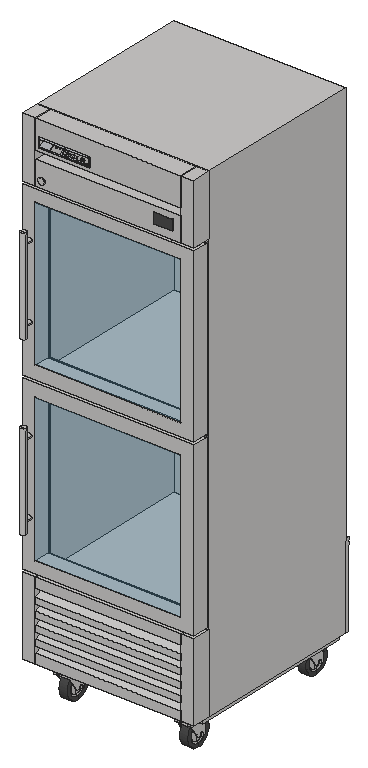
Revit family "QF_TRUE_TS-23G-2-HC~FGD01", category Specialty Equipment, Revit 2015 (continued)
Definition of nested family "TS-23G-2-HC-FGD01"
  Dimensions and locks (in)
    Extrusion 23 to Extrusion 23 = 55 1/4"
    aligned and locked: level to plane 2
  Automatic sketch dimensions
    Extrusion 11 sketch curve to plane 7 "Center Y" = 0"
    plane 13 to Extrusion 11 sketch curve = 8 1/4"
    Extrusion 1 sketch curve to Extrusion 1 sketch curve = 2"
    Extrusion 1 sketch curve to Extrusion 1 sketch curve = 77"
    Extrusion 2 sketch curve to Extrusion 2 sketch curve = 4 1/2"
    Extrusion 2 sketch curve to Extrusion 2 sketch curve = 1 1/4"  (x2)
    Extrusion 2 sketch curve to Extrusion 2 sketch curve = 3 3/4"
    Extrusion 2 sketch curve to Extrusion 2 sketch curve = 55 1/4"
    Extrusion 2 sketch curve to Extrusion 2 sketch curve = 1 1/2"
    Extrusion 2 sketch curve to Extrusion 2 sketch curve = 1"  (x7)
    Extrusion 2 sketch curve to Extrusion 2 sketch curve = 2"
    Extrusion 2 sketch curve to Extrusion 2 sketch curve = 2 1/2"
    Extrusion 2 sketch curve to Extrusion 2 sketch curve = 0"  (x9)
    Extrusion 2 sketch curve to Extrusion 2 sketch curve = 2.0503"  (x2)
    Extrusion 2 sketch curve to Extrusion 2 sketch curve = 0.51258"
    Extrusion 2 sketch curve to Extrusion 2 sketch curve = 2.80755"
    Extrusion 2 sketch curve to Extrusion 2 sketch curve = 0.43712"
    Extrusion 2 sketch curve to Extrusion 2 sketch curve = 3"
    Extrusion 4 sketch curve to Extrusion 2 = 0.97242"
    Extrusion 5 sketch curve to Extrusion 1 = 0"  (x4)
    Extrusion 1 to Extrusion 5 sketch curve = 0"  (x2)
    Extrusion 1 to Extrusion 5 sketch curve = 2"
    Extrusion 1 to Extrusion 5 sketch curve = 12 1/4"
    Extrusion 1 to Extrusion 5 sketch curve = 2 5/8"
    Extrusion 7 sketch curve to Extrusion 7 sketch curve = 9 1/2"
    Extrusion 7 sketch curve to Extrusion 7 sketch curve = 55 1/4"
    Extrusion 7 sketch curve to Extrusion 7 sketch curve = 12 1/4"
    Extrusion 7 sketch curve to Extrusion 7 sketch curve = 0"
    Extrusion 7 sketch curve to Extrusion 7 sketch curve = 3"  (x2)
    Extrusion 9 sketch curve to Extrusion 9 sketch curve = 9 1/2"
    Extrusion 9 sketch curve to Extrusion 9 sketch curve = 55 1/4"
    Extrusion 9 sketch curve to Extrusion 9 sketch curve = 12 1/4"
    Extrusion 9 sketch curve to Extrusion 9 sketch curve = 0"
    Extrusion 9 sketch curve to Extrusion 9 sketch curve = 3"  (x2)
    Extrusion 10 sketch curve to Extrusion 10 sketch curve = 2"
    Extrusion 10 sketch curve to Extrusion 10 sketch curve = 77"
    Extrusion 13 sketch curve to Extrusion 13 sketch curve = 25"
    Extrusion 13 sketch curve to Extrusion 13 sketch curve = 1 3/8"
    Extrusion 15 sketch curve to Extrusion 15 sketch curve = 2"
    Extrusion 15 sketch curve to Extrusion 15 sketch curve = 77"
    Extrusion 16 sketch curve to Extrusion 16 sketch curve = 4 1/2"
    Extrusion 16 sketch curve to Extrusion 16 sketch curve = 1 1/4"  (x2)
    Extrusion 16 sketch curve to Extrusion 16 sketch curve = 3 3/4"
    Extrusion 16 sketch curve to Extrusion 16 sketch curve = 55 1/4"
    Extrusion 16 sketch curve to Extrusion 16 sketch curve = 1 1/2"
    Extrusion 16 sketch curve to Extrusion 16 sketch curve = 1"  (x7)
    Extrusion 16 sketch curve to Extrusion 16 sketch curve = 2"
    Extrusion 16 sketch curve to Extrusion 16 sketch curve = 2 1/2"
    Extrusion 16 sketch curve to Extrusion 16 sketch curve = 0"  (x9)
    Extrusion 16 sketch curve to Extrusion 16 sketch curve = 2.0503"  (x2)
    Extrusion 16 sketch curve to Extrusion 16 sketch curve = 0.51258"
    Extrusion 16 sketch curve to Extrusion 16 sketch curve = 2.80755"
    Extrusion 16 sketch curve to Extrusion 16 sketch curve = 0.43712"
    Extrusion 16 sketch curve to Extrusion 16 sketch curve = 3"
    Extrusion 18 sketch curve to Extrusion 16 = 0.97242"
    Extrusion 19 sketch curve to Extrusion 15 = 0"  (x4)
    Extrusion 15 to Extrusion 19 sketch curve = 0"  (x2)
    Extrusion 15 to Extrusion 19 sketch curve = 2"
    Extrusion 15 to Extrusion 19 sketch curve = 12 1/4"
    Extrusion 15 to Extrusion 19 sketch curve = 2 5/8"
    Extrusion 21 sketch curve to Extrusion 21 sketch curve = 9 1/2"
    Extrusion 21 sketch curve to Extrusion 21 sketch curve = 55 1/4"
    Extrusion 21 sketch curve to Extrusion 21 sketch curve = 12 1/4"
    Extrusion 21 sketch curve to Extrusion 21 sketch curve = 0"
    Extrusion 21 sketch curve to Extrusion 21 sketch curve = 3"  (x2)
    Extrusion 23 sketch curve to Extrusion 23 sketch curve = 9 1/2"
    Extrusion 23 sketch curve to Extrusion 23 sketch curve = 55 1/4"
    Extrusion 23 sketch curve to Extrusion 23 sketch curve = 12 1/4"
    Extrusion 23 sketch curve to Extrusion 23 sketch curve = 0"
    Extrusion 23 sketch curve to Extrusion 23 sketch curve = 3"  (x2)
    Extrusion 24 sketch curve to Extrusion 24 sketch curve = 2"
    Extrusion 24 sketch curve to Extrusion 24 sketch curve = 77"
    Extrusion 25 sketch curve to Extrusion 25 sketch curve = 25"
    Extrusion 25 sketch curve to Extrusion 25 sketch curve = 1 3/8"
    Extrusion 26 sketch curve to Extrusion 26 sketch curve = 12.22095"
    Extrusion 26 sketch curve to Extrusion 26 sketch curve = 0.34482"
    Extrusion 26 sketch curve to Extrusion 26 sketch curve = 0.3805"
    Extrusion 26 sketch curve to Extrusion 26 sketch curve = 0.16647"
    Extrusion 26 sketch curve to Extrusion 26 sketch curve = 0.17678"  (x2)
    Extrusion 26 sketch curve to Extrusion 26 sketch curve = 0.14819"
    Extrusion 26 sketch curve to Extrusion 26 sketch curve = 3/8"
    Extrusion 26 sketch curve to Extrusion 26 sketch curve = 0"
    Extrusion 26 sketch curve to Extrusion 26 sketch curve = 1/4"
    Extrusion 26 sketch curve to Extrusion 26 sketch curve = 0.30004"
    plane 4 "RIGHT" to Extrusion 12 sketch curve = 3.25266"
    Extrusion 12 sketch curve to plane 6 "TOP" = 6.62607"
    Extrusion 12 sketch curve to Extrusion 12 sketch curve = 1.63987"
    Extrusion 12 sketch curve to Extrusion 12 sketch curve = 2.94794"
    Extrusion 15 to Extrusion 19 sketch curve = 36 1/8"
    Extrusion 19 sketch curve to Extrusion 19 sketch curve = 2"
    Extrusion 19 sketch curve to Extrusion 19 sketch curve = 0"
    Extrusion 1 to Extrusion 5 sketch curve = 36 1/8"
    Extrusion 5 sketch curve to Extrusion 5 sketch curve = 2"
    Extrusion 5 sketch curve to Extrusion 5 sketch curve = 0"
    Revolve 27 sketch curve to Revolve 27 sketch curve = 7/16"
    Revolve 27 sketch curve to Revolve 27 sketch curve = 14 15/16"
    Revolve 27 sketch curve to Revolve 27 sketch curve = 0"  (x2)
    Revolve 27 sketch curve to Revolve 27 sketch curve = 25/64"
    Extrusion 28 sketch curve to Extrusion 28 sketch curve = 0"
    Extrusion 28 sketch curve to Extrusion 28 sketch curve = 11.57772"
    curve 1 to plane 3 "LEFT" = 0"
    plane 5 "FRONT" to curve 11 = 0"
    curve 4 to plane 4 "RIGHT" = 0"
    plane 1 "BACK" to curve 5 = 0"
    curve 2 to plane 11 = 0"
    curve 9 to plane 12 = 7/16"
    curve 10 to curve 9 = 7/16"
    plane 3 "LEFT" to curve 11 = 0.78232"
    curve 11 to curve 12 = 0.6365"
    curve 12 to curve 7 = 0.58118"
    plane 4 "RIGHT" to curve 8 = 2"
    curve 9 to curve 12 = 0.3002"
    curve 7 to curve 7 = 3"
    Extrusion 31 sketch curve to plane 15 = 0"
    plane 15 to Extrusion 31 sketch curve = 25 3/4"
    Extrusion 31 sketch curve to Extrusion 31 sketch curve = 1.5775"
    Extrusion 31 sketch curve to Extrusion 31 sketch curve = 0.2834"
    Extrusion 32 sketch curve to plane 16 = 0"
    plane 16 to Extrusion 32 sketch curve = 25 3/4"
    Extrusion 32 sketch curve to Extrusion 32 sketch curve = 1.5775"
    Extrusion 32 sketch curve to Extrusion 32 sketch curve = 0.2834"
    curve 13 to curve 14 = 0.2834"
    curve 14 to curve 13 = 4.25181"
    curve 13 to curve 14 = 1.5775"
    curve 14 to curve 13 = 0"
    curve 13 to curve 14 = 13.13367"
    curve 15 to curve 16 = 0.2834"
    curve 16 to curve 15 = 4.25181"
    curve 15 to curve 16 = 1.5775"
    curve 16 to curve 15 = 0"
    curve 15 to curve 16 = 13.13367"
    plane 14 to Extrusion 20 sketch curve = 1/4"
    Extrusion 20 sketch curve to Extrusion 20 sketch curve = 0"  (x2)
    Extrusion 20 sketch curve to Extrusion 20 sketch curve = 2"  (x6)
    Extrusion 20 sketch curve to Extrusion 20 sketch curve = 23"
    plane 14 to Extrusion 20 sketch curve = 2"
    Extrusion 20 sketch curve to Extrusion 20 sketch curve = 23 1/8"  (x2)
    Extrusion 20 sketch curve to Extrusion 20 sketch curve = 1/2"
    Extrusion 20 sketch curve to Extrusion 20 sketch curve = 1 3/4"
    Revolve 35 sketch curve to Revolve 35 sketch curve = 7/16"
    Revolve 35 sketch curve to Revolve 35 sketch curve = 14 15/16"
    Revolve 35 sketch curve to Revolve 35 sketch curve = 0"  (x2)
    Revolve 35 sketch curve to Revolve 35 sketch curve = 25/64"
    Extrusion 36 sketch curve to Extrusion 36 sketch curve = 0"
    Extrusion 36 sketch curve to Extrusion 36 sketch curve = 11.57772"
    plane 10 to Extrusion 6 sketch curve = 1/4"
    Extrusion 6 sketch curve to Extrusion 6 sketch curve = 0"  (x2)
    Extrusion 6 sketch curve to Extrusion 6 sketch curve = 2"  (x6)
    Extrusion 6 sketch curve to Extrusion 6 sketch curve = 23"
    plane 10 to Extrusion 6 sketch curve = 2"
    Extrusion 6 sketch curve to Extrusion 6 sketch curve = 23 1/8"  (x2)
    Extrusion 6 sketch curve to Extrusion 6 sketch curve = 1/2"
    Extrusion 6 sketch curve to Extrusion 6 sketch curve = 1 3/4"
    Extrusion 17 sketch curve to Extrusion 17 sketch curve = 0"  (x2)
    Extrusion 17 sketch curve to Extrusion 17 sketch curve = 23"
    Extrusion 17 sketch curve to Extrusion 17 sketch curve = 23 1/8"  (x2)
    Extrusion 17 sketch curve to Extrusion 17 sketch curve = 4 1/2"
    Extrusion 3 sketch curve to Extrusion 3 sketch curve = 0"  (x2)
    Extrusion 3 sketch curve to Extrusion 3 sketch curve = 23"
    Extrusion 3 sketch curve to Extrusion 3 sketch curve = 23 1/8"  (x2)
    Extrusion 3 sketch curve to Extrusion 3 sketch curve = 4 1/2"
    Extrusion 22 sketch curve to Extrusion 15 = 1/4"  (x4)
    Extrusion 15 to Extrusion 22 sketch curve = 23 1/4"  (x2)
    Extrusion 22 sketch curve to Extrusion 15 = 11 1/2"
    Extrusion 22 sketch curve to Extrusion 22 sketch curve = 1 1/2"
    Extrusion 22 sketch curve to Extrusion 22 sketch curve = 0"
    Extrusion 22 sketch curve to Extrusion 22 sketch curve = 23 5/8"
    Extrusion 22 sketch curve to Extrusion 22 sketch curve = 1.62134"  (x2)
    Extrusion 22 sketch curve to Extrusion 22 sketch curve = 0.75732"
    Extrusion 22 sketch curve to Extrusion 15 = 14 1/4"
    Extrusion 22 sketch curve to Extrusion 22 sketch curve = 1.37134"  (x2)
    Extrusion 8 sketch curve to Extrusion 1 = 1/4"  (x4)
    Extrusion 1 to Extrusion 8 sketch curve = 23 1/4"  (x2)
    Extrusion 8 sketch curve to Extrusion 1 = 11 1/2"
    Extrusion 8 sketch curve to Extrusion 8 sketch curve = 1 1/2"
    Extrusion 8 sketch curve to Extrusion 8 sketch curve = 0"
    Extrusion 8 sketch curve to Extrusion 8 sketch curve = 23 5/8"
    Extrusion 8 sketch curve to Extrusion 8 sketch curve = 1.62134"  (x2)
    Extrusion 8 sketch curve to Extrusion 8 sketch curve = 0.75732"
    Extrusion 8 sketch curve to Extrusion 1 = 14 1/4"
    Extrusion 8 sketch curve to Extrusion 8 sketch curve = 1.37134"  (x2)
    Extrusion 39 sketch curve to Extrusion 39 sketch curve = 0"  (x3)
    Extrusion 39 sketch curve to Extrusion 39 sketch curve = 0.0075"
    Extrusion 39 sketch curve to Extrusion 39 sketch curve = 2.06523"
    Extrusion 39 sketch curve to Extrusion 39 sketch curve = 0.04197"
    Extrusion 39 sketch curve to Extrusion 39 sketch curve = 0.42957"
    Extrusion 39 sketch curve to Extrusion 39 sketch curve = 0.94308"
    Extrusion 41 sketch curve to Extrusion 41 sketch curve = 0.37938"
    Extrusion 41 sketch curve to Extrusion 41 sketch curve = 1"
    Extrusion 41 sketch curve to Extrusion 41 sketch curve = 1.65026"
    Extrusion 41 sketch curve to Extrusion 41 sketch curve = 0.43546"
    Extrusion 41 sketch curve to Extrusion 41 sketch curve = 0.50522"
    Extrusion 41 sketch curve to Extrusion 41 sketch curve = 0.51683"  (x2)
    Extrusion 41 sketch curve to Extrusion 41 sketch curve = 0.53428"
    Extrusion 42 sketch curve to Extrusion 42 sketch curve = 1"
    Extrusion 42 sketch curve to Extrusion 42 sketch curve = 0"
    Extrusion 44 sketch curve to Extrusion 44 sketch curve = 0.0411"
    Extrusion 44 sketch curve to Extrusion 44 sketch curve = 0.54506"
    Extrusion 44 sketch curve to Extrusion 44 sketch curve = 0.91779"
    Extrusion 44 sketch curve to Extrusion 44 sketch curve = 0.45494"
    Extrusion 44 sketch curve to Extrusion 44 sketch curve = 17/32"
    Extrusion 44 sketch curve to Extrusion 44 sketch curve = 1.82353"
    Extrusion 45 sketch curve to Extrusion 45 sketch curve = 0"  (x3)
    Extrusion 45 sketch curve to Extrusion 45 sketch curve = 0.0075"
    Extrusion 45 sketch curve to Extrusion 45 sketch curve = 2.06523"
    Extrusion 45 sketch curve to Extrusion 45 sketch curve = 0.04197"
    Extrusion 45 sketch curve to Extrusion 45 sketch curve = 0.42957"
    Extrusion 45 sketch curve to Extrusion 45 sketch curve = 0.94308"
    radius of Extrusion 11 sketch curve = 1/4"
    radius of Extrusion 4 sketch curve = 1/2"
    radius of Extrusion 18 sketch curve = 1/2"
    radius of Extrusion 28 sketch curve = 0.31825"  (x2)
    radius of Extrusion 36 sketch curve = 0.31825"  (x2)
    radius of Extrusion 39 sketch curve = 1/4"
    radius of Extrusion 40 sketch curve = 1/4"
    radius of Extrusion 41 sketch curve = 1/4"  (x3)
    radius of Extrusion 42 sketch curve = 1/4"  (x2)
    radius of Extrusion 43 sketch curve to Extrusion 44 = 0"
    radius of Extrusion 44 sketch curve = 1/4"
    radius of Extrusion 45 sketch curve = 1/4"
    radius of Extrusion 46 sketch curve = 1/4"
  Nested families (in)
    nested 1: "QF_LOGO_TRUE" at (2.5, -29.8125, 79.375), Show Logo <- "Show Logo", type "QF_LOGO_TRUE", detail levels medium+fine
      with Show Logo yes
  Definition of nested family "QF_LOGO_TRUE"
    Parameters (values of type "QF_LOGO_TRUE")
      Show Logo [instance] = yes
    Reference planes (in)
      plane 1 "Center (Front/Back)": y = 0
      plane 2: z = 0
      plane 3 "Center (Left/Right)": x = 0
    Forms (in)
      Extrusion 1, solid, visible <- "Show Logo", detail levels medium+fine
        sketch origin (-78.34647, 34.76905, -30.51001) x (1, 0, 0) y (0, 0, 1)
          loop
            line (81.15226, 31.65456) -> (81.07353, 31.48573) -> (82.12083, 31.48573)
            arc (82.12083, 31.48573) -> (82.14208, 31.44814) -> (82.12083, 31.41055) r 0.04386
            line (82.12083, 31.41055) -> (81.84767, 30.82478)
            arc (81.84767, 30.82478) -> (81.84531, 30.77052) -> (81.882, 30.73048) r 0.07096
            line (81.882, 30.73048) -> (82.55165, 30.73048)
            arc (82.55165, 30.73048) -> (82.63621, 30.75714) -> (82.69019, 30.82748) r 0.14742
            line (82.69019, 30.82748) -> (82.90515, 31.28847) -> (83.10265, 31.28847)
            arc (83.10265, 31.28847) -> (83.15447, 31.26942) -> (83.14697, 31.21472) r 0.04405
            line (83.14697, 31.21472) -> (82.9671, 30.82899)
            arc (82.9671, 30.82899) -> (82.9699, 30.76493) -> (83.02398, 30.73048) r 0.06943
            line (83.02398, 30.73048) -> (83.6124, 30.73048)
            arc (83.6124, 30.73048) -> (83.65748, 30.74689) -> (83.68147, 30.78844) r 0.07014
            arc (83.68147, 30.78844) -> (83.69845, 30.74745) -> (83.73943, 30.73048) r 0.05796
            line (83.73943, 30.73048) -> (84.112, 30.73048)
            arc (84.112, 30.73048) -> (84.15504, 30.74201) -> (84.18655, 30.77352) r 0.08608
            arc (84.18655, 30.77352) -> (84.20164, 30.7371) -> (84.23806, 30.72202) r 0.0515
            line (84.23806, 30.72202) -> (84.76757, 30.72202)
            arc (84.76757, 30.72202) -> (84.81086, 30.73995) -> (84.8288, 30.78324) r 0.06122
            arc (84.8288, 30.78324) -> (84.86848, 30.74355) -> (84.92269, 30.72903) r 0.10842
            line (84.92269, 30.72903) -> (85.91461, 30.72903) -> (86.02479, 30.91987) -> (85.0243, 30.91987)
            arc (85.0243, 30.91987) -> (84.99669, 30.93902) -> (84.99566, 30.97261) r 0.03732
            line (84.99566, 30.97261) -> (85.01297, 31.00972)
            arc (85.01297, 31.00972) -> (85.03954, 31.04453) -> (85.0813, 31.05774) r 0.07263
            line (85.0813, 31.05774) -> (85.40289, 31.05774)
            arc (85.40289, 31.05774) -> (85.4723, 31.07633) -> (85.52311, 31.12715) r 0.13882
            line (85.52311, 31.12715) -> (85.61625, 31.28847)
            arc (85.61625, 31.28847) -> (85.61625, 31.37458) -> (85.54168, 31.41763) r 0.08611
            line (85.54168, 31.41763) -> (85.20227, 31.41763)
            arc (85.20227, 31.41763) -> (85.11574, 31.40294) -> (85.05538, 31.33923) r 0.13863
            line (85.05538, 31.33923) -> (84.89409, 30.99333)
            arc (84.89409, 30.99333) -> (84.84649, 30.9313) -> (84.77191, 30.90778) r 0.13002
            line (84.77191, 30.90778) -> (84.41984, 30.90778)
            arc (84.41984, 30.90778) -> (84.3777, 30.95378) -> (84.38042, 31.0161) r 0.08151
            line (84.38042, 31.0161) -> (84.56766, 31.41763) -> (84.44849, 31.41763) -> (84.25012, 30.99222)
            arc (84.25012, 30.99222) -> (84.21158, 30.94199) -> (84.15119, 30.92296) r 0.10527
            line (84.15119, 30.92296) -> (83.90842, 30.92296)
            arc (83.90842, 30.92296) -> (83.8674, 30.97642) -> (83.87619, 31.04323) r 0.08805
            line (83.87619, 31.04323) -> (84.05078, 31.41763) -> (83.92772, 31.41763) -> (83.72676, 30.98668)
            arc (83.72676, 30.98668) -> (83.68011, 30.94003) -> (83.61639, 30.92296) r 0.12745
            line (83.61639, 30.92296) -> (83.26484, 30.92296)
            arc (83.26484, 30.92296) -> (83.2017, 30.9524) -> (83.19563, 31.0218) r 0.06967
            line (83.19563, 31.0218) -> (83.31118, 31.26961) -> (83.47452, 31.26961)
            arc (83.47452, 31.26961) -> (83.50209, 31.35268) -> (83.56075, 31.41763) r 0.21289
            line (83.56075, 31.41763) -> (82.92244, 31.41763)
            arc (82.92244, 31.41763) -> (82.85151, 31.40191) -> (82.80242, 31.34834) r 0.12081
            line (82.80242, 31.34834) -> (82.6294, 30.9773)
            arc (82.6294, 30.9773) -> (82.58962, 30.93752) -> (82.53528, 30.92296) r 0.10869
            line (82.53528, 30.92296) -> (82.1542, 30.92296)
            arc (82.1542, 30.92296) -> (82.12446, 30.96315) -> (82.13012, 31.01283) r 0.06822
            line (82.13012, 31.01283) -> (82.38156, 31.48573) -> (83.01596, 31.48573) -> (83.09469, 31.65456) -> (82.46029, 31.65456) -> (82.53902, 31.8234) -> (82.31334, 31.8234) -> (82.23461, 31.65456) -> (81.15226, 31.65456)
          loop
            arc (85.15937, 31.26434) -> (85.13191, 31.25698) -> (85.1118, 31.23688) r 0.05494
            line (85.1118, 31.23688) -> (85.09547, 31.18665)
            arc (85.09547, 31.18665) -> (85.10304, 31.16837) -> (85.12133, 31.16079) r 0.02586
            line (85.12133, 31.16079) -> (85.39889, 31.16079)
            arc (85.39889, 31.16079) -> (85.41888, 31.16523) -> (85.43513, 31.1777) r 0.04731
            line (85.43513, 31.1777) -> (85.44863, 31.2402)
            arc (85.44863, 31.2402) -> (85.44466, 31.25693) -> (85.42914, 31.26434) r 0.01994
            line (85.42914, 31.26434) -> (85.15937, 31.26434)
          loop
            line (78.62961, 30.74125) -> (80.12032, 30.74125) -> (80.73891, 31.81268) -> (79.2482, 31.81268) -> (78.62961, 30.74125)
        from 34.76797 to 34.83173
      Extrusion 2, solid, visible <- "Show Logo", detail levels medium+fine
        sketch origin (-142.84857, 34.75108, -33.3546) x (1, 0, 0) y (0, 0, 1)
          loop
            line (150.81107, 34.71978) -> (142.98607, 34.71978) -> (142.98607, 33.4921) -> (150.81107, 33.4921) -> (150.81107, 34.71978)
        from 34.75108 to 34.78125
      Extrusion 3, solid, visible <- "Show Logo", detail levels medium+fine
        sketch origin (-142.84857, 34.75108, -33.3546) x (1, 0, 0) y (0, 0, 1)
          loop
            line (150.94857, 34.85727) -> (142.84857, 34.85727) -> (142.84857, 33.3546) -> (150.94857, 33.3546) -> (150.94857, 34.85727)
          loop
            line (142.98607, 34.71978) -> (142.98607, 33.4921) -> (150.81107, 33.4921) -> (150.81107, 34.71978) -> (142.98607, 34.71978)
        from 34.75108 to 34.81376
      Extrusion 4, solid, not visible
        sketch origin (121.45701, -16.5, 4.98235) x (1, 0, 0) y (0, 0, 1)
          loop
            line (25.20115, 35.89949) -> (25.20115, 33.96647) -> (30.95381, 33.96647) -> (30.95381, 35.89949) -> (25.20115, 35.89949)
        from 31.5 to 31.54261
      Extrusion 5, solid, not visible
        sketch origin (121.45701, -16.5, 4.98235) x (1, 0, 0) y (0, 0, 1)
          loop
            line (26.7387, 34.95472) -> (26.61492, 34.49276) -> (27.038, 34.49276)
            arc (27.038, 34.49276) -> (27.13117, 34.52484) -> (27.18485, 34.60749) r 0.15134
            arc (27.18485, 34.60749) -> (27.20396, 34.68138) -> (27.22435, 34.75493) r 4.37326
            arc (27.22435, 34.75493) -> (27.23458, 34.81765) -> (27.22435, 34.88037) r 0.1974
            arc (27.22435, 34.88037) -> (27.18247, 34.93579) -> (27.11563, 34.95472) r 0.10914
            line (27.11563, 34.95472) -> (26.7387, 34.95472)
          loop
            line (26.90201, 34.80638) -> (26.84645, 34.59903) -> (26.92855, 34.59903)
            arc (26.92855, 34.59903) -> (26.98205, 34.6185) -> (27.01051, 34.6678) r 0.08322
            line (27.01051, 34.6678) -> (27.02399, 34.74424)
            arc (27.02399, 34.74424) -> (27.01491, 34.78454) -> (26.97985, 34.80638) r 0.05353
            line (26.97985, 34.80638) -> (26.90201, 34.80638)
          loop
            line (27.45336, 34.66131) -> (27.76233, 34.66131) -> (27.78859, 34.73909)
            arc (27.78859, 34.73909) -> (27.7878, 34.82039) -> (27.73107, 34.87864) r 0.10925
            arc (27.73107, 34.87864) -> (27.68233, 34.8944) -> (27.63139, 34.89974) r 0.24595
            line (27.63139, 34.89974) -> (27.46708, 34.89974)
            arc (27.46708, 34.89974) -> (27.4068, 34.88073) -> (27.3535, 34.84677) r 0.2421
            arc (27.3535, 34.84677) -> (27.2897, 34.76363) -> (27.26702, 34.66131) r 0.2421
            line (27.26702, 34.66131) -> (27.26702, 34.54477)
            arc (27.26702, 34.54477) -> (27.31618, 34.4956) -> (27.38334, 34.47761) r 0.13431
            line (27.38334, 34.47761) -> (27.59054, 34.47761)
            arc (27.59054, 34.47761) -> (27.63459, 34.48281) -> (27.67622, 34.49812) r 0.18924
            line (27.67622, 34.49812) -> (27.73102, 34.61563)
            arc (27.73102, 34.61563) -> (27.68453, 34.59565) -> (27.63566, 34.58252) r 0.35376
            arc (27.63566, 34.58252) -> (27.55885, 34.56956) -> (27.48204, 34.58252) r 0.23415
            arc (27.48204, 34.58252) -> (27.44492, 34.61362) -> (27.45336, 34.66131) r 0.04838
          loop
            line (27.4842, 34.73042) -> (27.62012, 34.73042) -> (27.62621, 34.76496)
            arc (27.62621, 34.76496) -> (27.58961, 34.80242) -> (27.53739, 34.80638) r 0.0742
            arc (27.53739, 34.80638) -> (27.49747, 34.77773) -> (27.4842, 34.73042) r 0.0742
          loop
            line (27.91616, 34.97572) -> (27.78675, 34.49276) -> (27.98645, 34.49276) -> (28.11586, 34.97572) -> (27.91616, 34.97572)
          loop
            line (28.13678, 34.66131) -> (28.08755, 34.47761) -> (28.27134, 34.47761) -> (28.32056, 34.66131) -> (28.43674, 34.66131) -> (28.47974, 34.78864) -> (28.36519, 34.78864)
            arc (28.36519, 34.78864) -> (28.35733, 34.81649) -> (28.36921, 34.84288) r 0.04231
            arc (28.36921, 34.84288) -> (28.431, 34.8652) -> (28.49617, 34.85686) r 0.13988
            line (28.49617, 34.85686) -> (28.53544, 34.97317)
            arc (28.53544, 34.97317) -> (28.39725, 34.99096) -> (28.25905, 34.97317) r 0.54546
            arc (28.25905, 34.97317) -> (28.20849, 34.91994) -> (28.18197, 34.85147) r 0.1894
            line (28.18197, 34.85147) -> (28.17089, 34.78864) -> (28.11397, 34.78864) -> (28.07985, 34.66131) -> (28.13678, 34.66131)
          loop
            arc (28.74846, 34.89756) -> (28.65884, 34.88533) -> (28.56922, 34.89756) r 0.33455
            line (28.56922, 34.89756) -> (28.45669, 34.47761) -> (28.63593, 34.47761) -> (28.74846, 34.89756)
          loop
            arc (28.60398, 35.01195) -> (28.57699, 34.97173) -> (28.60398, 34.9315) r 0.04347
            line (28.60398, 34.9315) -> (28.75755, 34.9315)
            arc (28.75755, 34.9315) -> (28.78645, 34.96687) -> (28.77911, 35.01195) r 0.0556
            line (28.77911, 35.01195) -> (28.60398, 35.01195)
          loop
            line (28.95336, 34.66131) -> (29.26233, 34.66131) -> (29.28859, 34.73909)
            arc (29.28859, 34.73909) -> (29.2878, 34.82039) -> (29.23107, 34.87864) r 0.10925
            arc (29.23107, 34.87864) -> (29.18233, 34.8944) -> (29.13139, 34.89974) r 0.24595
            line (29.13139, 34.89974) -> (28.96708, 34.89974)
            arc (28.96708, 34.89974) -> (28.9068, 34.88073) -> (28.8535, 34.84677) r 0.2421
            arc (28.8535, 34.84677) -> (28.7897, 34.76363) -> (28.76702, 34.66131) r 0.2421
            line (28.76702, 34.66131) -> (28.76702, 34.54477)
            arc (28.76702, 34.54477) -> (28.81618, 34.4956) -> (28.88334, 34.47761) r 0.13431
            line (28.88334, 34.47761) -> (29.09054, 34.47761)
            arc (29.09054, 34.47761) -> (29.13459, 34.48281) -> (29.17622, 34.49812) r 0.18924
            line (29.17622, 34.49812) -> (29.23102, 34.61563)
            arc (29.23102, 34.61563) -> (29.18453, 34.59565) -> (29.13566, 34.58252) r 0.35376
            arc (29.13566, 34.58252) -> (29.05885, 34.56956) -> (28.98204, 34.58252) r 0.23415
            arc (28.98204, 34.58252) -> (28.94492, 34.61362) -> (28.95336, 34.66131) r 0.04838
          loop
            line (28.9842, 34.73042) -> (29.12012, 34.73042) -> (29.12621, 34.76496)
            arc (29.12621, 34.76496) -> (29.08961, 34.80242) -> (29.03739, 34.80638) r 0.0742
            arc (29.03739, 34.80638) -> (28.99747, 34.77773) -> (28.9842, 34.73042) r 0.0742
          loop
            line (29.41616, 34.97572) -> (29.28675, 34.49276) -> (29.48645, 34.49276) -> (29.61586, 34.97572) -> (29.41616, 34.97572)
          loop
            line (29.99836, 34.97572) -> (29.95192, 34.80242)
            arc (29.95192, 34.80242) -> (29.94473, 34.85705) -> (29.90102, 34.89059) r 0.07199
            arc (29.90102, 34.89059) -> (29.80023, 34.89941) -> (29.70251, 34.87322) r 0.29131
            arc (29.70251, 34.87322) -> (29.61806, 34.7652) -> (29.5896, 34.63108) r 0.30433
            line (29.5896, 34.63108) -> (29.5896, 34.55572)
            arc (29.5896, 34.55572) -> (29.61075, 34.50463) -> (29.66184, 34.48348) r 0.07224
            line (29.66184, 34.48348) -> (29.78537, 34.48348)
            arc (29.78537, 34.48348) -> (29.83854, 34.51313) -> (29.88504, 34.55243) r 0.31609
            line (29.88504, 34.55243) -> (29.86905, 34.49276) -> (30.05973, 34.49276) -> (30.18914, 34.97572) -> (29.99836, 34.97572)
          loop
            arc (29.84537, 34.75931) -> (29.79424, 34.71128) -> (29.77745, 34.64317) r 0.12371
            arc (29.77745, 34.64317) -> (29.80071, 34.59901) -> (29.85056, 34.59647) r 0.05045
            arc (29.85056, 34.59647) -> (29.90141, 34.64047) -> (29.92536, 34.7033) r 0.13769
            arc (29.92536, 34.7033) -> (29.90211, 34.75521) -> (29.84537, 34.75931) r 0.05543
          loop
            line (26.45047, 35.26762) -> (26.58211, 35.26762)
            arc (26.58211, 35.26762) -> (26.60467, 35.30821) -> (26.62126, 35.35157) r 0.3277
            arc (26.62126, 35.35157) -> (26.62714, 35.39992) -> (26.60877, 35.44503) r 0.09693
            arc (26.60877, 35.44503) -> (26.56454, 35.48868) -> (26.50462, 35.50516) r 0.12312
            arc (26.50462, 35.50516) -> (26.44158, 35.50565) -> (26.37854, 35.50546) r 5.76967
            arc (26.37854, 35.50546) -> (26.07462, 35.42923) -> (25.81045, 35.26076) r 0.97743
            line (25.81045, 35.26076) -> (25.85921, 35.26076)
            arc (25.85921, 35.26076) -> (26.08494, 35.39361) -> (26.3396, 35.45485) r 0.88817
            arc (26.3396, 35.45485) -> (26.41429, 35.44188) -> (26.47267, 35.39352) r 0.14748
            arc (26.47267, 35.39352) -> (26.48041, 35.32725) -> (26.45047, 35.26762) r 0.11636
          loop
            arc (26.35412, 35.17841) -> (26.19578, 35.0555) -> (26.00982, 34.98069) r 0.72453
            arc (26.00982, 34.98069) -> (25.9036, 34.95581) -> (25.79459, 34.9604) r 0.40201
            arc (25.79459, 34.9604) -> (25.7275, 34.98819) -> (25.69972, 35.05528) r 0.09488
            arc (25.69972, 35.05528) -> (25.71867, 35.12629) -> (25.77049, 35.17841) r 0.1425
            line (25.77049, 35.17841) -> (25.73665, 35.18748)
            arc (25.73665, 35.18748) -> (25.67632, 35.09876) -> (25.66924, 34.99171) r 0.20432
            arc (25.66924, 34.99171) -> (25.71443, 34.9227) -> (25.79473, 34.90384) r 0.11116
            arc (25.79473, 34.90384) -> (25.91172, 34.89904) -> (26.02716, 34.91862) r 0.56145
            arc (26.02716, 34.91862) -> (26.27675, 35.021) -> (26.49584, 35.17841) r 1.15683
            line (26.49584, 35.17841) -> (26.35412, 35.17841)
        from 31.54261 to 31.56272
    Dimensions and locks (in)
      aligned and locked: level to plane 2
      aligned and locked: Extrusion 2 to Extrusion 3  (x2)
      aligned and locked: Extrusion 2 sketch curve to Extrusion 3
